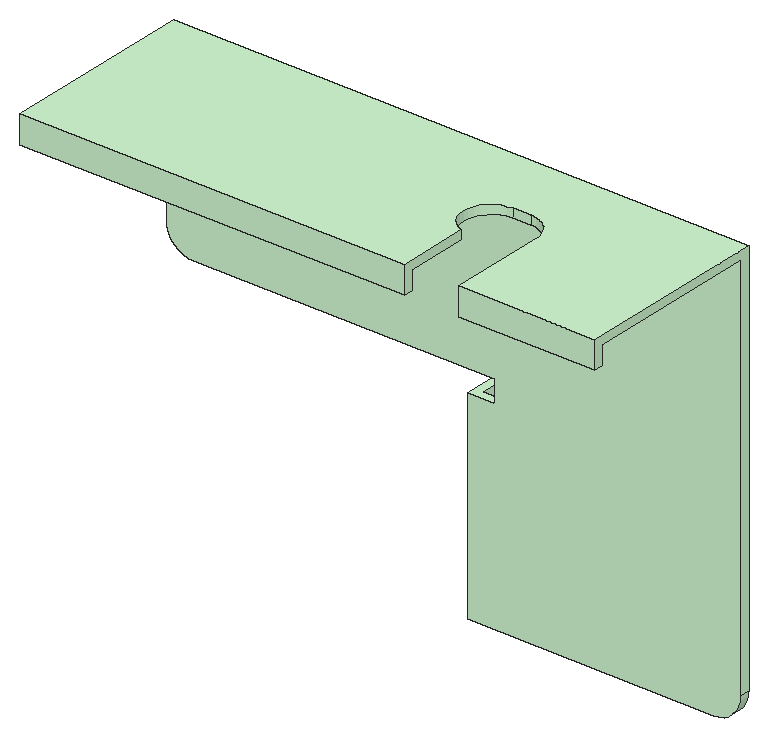
Revit family "ブレース金具RP", category 機械設備, Revit 2020
Family settings
  丸型コネクタ寸法 = 直径を使用
  種別 = なし
  パーツ タイプ = 標準
  作業面ベース = いいえ
  常に垂直 = はい
  ロード時にボイドで切り取り = いいえ
  共有 = いいえ
  部屋計算ポイント = いいえ
Parameters
  製造元 = "株式会社桐井製作所"
  既定の高さ = 0 mm
  URL = "https://www.kirii.co.jp/"
  K_板厚(mm) = 1.6 mm
  K_品名 = "ブレース金具RP"
  K_名称 = "斜め部材(ブレース)下部取付金具"
  K_入数 = "90"
  K_バージョン情報 = "20211216"
Reference planes
  plane 1 "中心(正面/背面)": y = 0
  plane 2: z = 0
  plane 3 "中心(左/右)": x = 0
Forms (mm)
  Extrusion 1, solid
    sketch origin (0, 0, 0) x (0, 1, 0) y (0, 0, 1)
      loop
        line (-31.8, 0) -> (0, 0) -> (0, -76.4) -> (1.6, -76.4) -> (1.6, 1.6) -> (-33.4, 1.6) -> (-33.4, -3.4) -> (-31.8, -3.4) -> (-31.8, 0)
    from 0 to 105
  Extrusion 2, void
    sketch origin (105, 0, 0) x (-1, 0, 0) y (0, 0, -1)
      loop
        line (105, 76.4) -> (50, 76.4) -> (50, 39.4) -> (45, 39.4) -> (45, 35.4) -> (105, 35.4) -> (105, 39.4) -> (105, 76.4)
    from -1.6 to 0
  Extrusion 3, solid
    sketch origin (55, 0, 0) x (0, 1, 0) y (0, 0, 1)
      loop
        line (23, -39.4) -> (1.6, -39.4) -> (1.6, -76.4) -> (23, -76.4) -> (23, -39.4)
      loop
        circle (15, -51.4) r 2
      loop
        circle (15, -64.4) r 2
    from 0 to 1.6
  Extrusion 4, void
    sketch origin (6.6, 0, 0) x (0, 1, 0) y (0, 0, 1)
      loop
        line (23, -40.4) -> (23, -39.4) -> (22, -39.4)
        arc (22, -39.4) -> (22.707, -39.693) -> (23, -40.4) r 1
      loop
        line (22, -76.4) -> (23, -76.4) -> (23, -75.4)
        arc (23, -75.4) -> (22.707, -76.107) -> (22, -76.4) r 1
    from 48.4 to 50
  Extrusion 5, void
    sketch origin (105, 0, 0) x (-1, 0, 0) y (0, 0, -1)
      loop
        arc (0, 71.4) -> (1.464, 74.936) -> (5, 76.4) r 5
        line (5, 76.4) -> (0, 76.4) -> (0, 71.4)
      loop
        arc (100, 35.4) -> (103.536, 33.936) -> (105, 30.4) r 5
        line (105, 30.4) -> (105, 35.4) -> (100, 35.4)
    from -1.6 to 0
  Extrusion 6, void
    sketch origin (147.2, 0, 0) x (-1, 0, 0) y (0, -1, 0)
      loop
        line (67, 33.4) -> (67, 15.9)
        arc (67, 15.9) -> (68.464, 12.364) -> (72, 10.9) r 5
        line (72, 10.9) -> (75.2, 10.9)
        arc (75.2, 10.9) -> (80.115, 14.985) -> (77, 20.565) r 5
        line (77, 20.565) -> (77, 33.4) -> (67, 33.4)
    from -3.4 to 1.6
Cuts and joins
  Extrusion 2, Extrusion 5, Extrusion 6 cuts Extrusion 1
  Extrusion 4 cuts Extrusion 3
  joined: Extrusion 1, Extrusion 3
Dimensions and locks
  aligned and locked: level to plane 2
